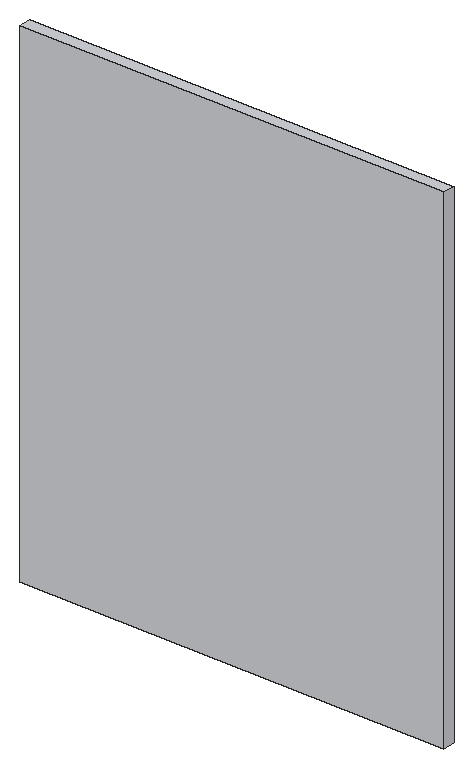
Revit family "Front - Plain", category Casework, Revit 2027
Family settings
  Work Plane-Based = No
  Always vertical = Yes
  Cut with Voids When Loaded = No
  Shared = No
  Room Calculation Point = No
Parameters (values of type "Front - Plain")
  Width = 600 mm
  Swing = yes
  Height = 704 mm
  Front Finish = none
  Depth = 16 mm
  Default Elevation = 0 mm
  Creator Organization [instance] = "© Danish Educational Content"  # constant formula
  Creator Name [instance] = "© Erik Falck Jørgensen"  # constant formula
  Creator Build [instance] = "2023.0405.0"  # constant formula
  Assembly Code = ""
Reference planes
  plane 1 "Front": y = 0
  plane 2: z = 0
  plane 3 "Center (Left/Right)": x = 0
  plane 4: x = -300
  plane 5: x = 300
  plane 6: z = 704
Forms (mm)
  Extrusion 1, solid, material <- "Front Finish"
    sketch origin (0, 0, 0) x (1, 0, 0) y (0, 0, 1)
      loop
        line (-297, 701) -> (-297, 3) -> (297, 3) -> (297, 701) -> (-297, 701)
    from 0 to 16 <- "Depth"
Lines and regions (mm)
  reference lines
    curve 1: line (-300, 0, 0) -> (392.82, -400, 0)
  symbolic lines, style "Elevation Swing", visible <- "Swing"
    curve 2: line (-300, 0, 0) -> (219.615, -300, 0)
    curve 3: arc (300, 0, 0) -> (279.555, -155.291, 0) -> (219.615, -300, 0) r 600
Dimensions and locks
  equal spacing: plane 4, plane 3 "Center (Left/Right)", plane 5
  "Width": plane 4 to plane 5
  "Height": plane 6 to plane 2
  locked: Extrusion 1 sketch curve to plane 2 at 3
  locked: plane 6 to Extrusion 1 sketch curve at 3
  locked: Extrusion 1 sketch curve to plane 4 at 3
  locked: plane 5 to Extrusion 1 sketch curve at 3
  locked: curve 1 to plane 1 "Front" (angle 30.00°)
  aligned and locked: level to plane 2
  aligned and locked: curve 2 to curve 1
Automatic sketch dimensions
  plane 1 "Front" to curve 1 = 0 mm
  curve 1 to plane 4 = 0 mm
  plane 1 "Front" to curve 3 = 0 mm
  curve 3 to plane 4 = 0 mm
  plane 1 "Front" to curve 2 = 0 mm
  curve 3 to plane 5 = 0 mm
